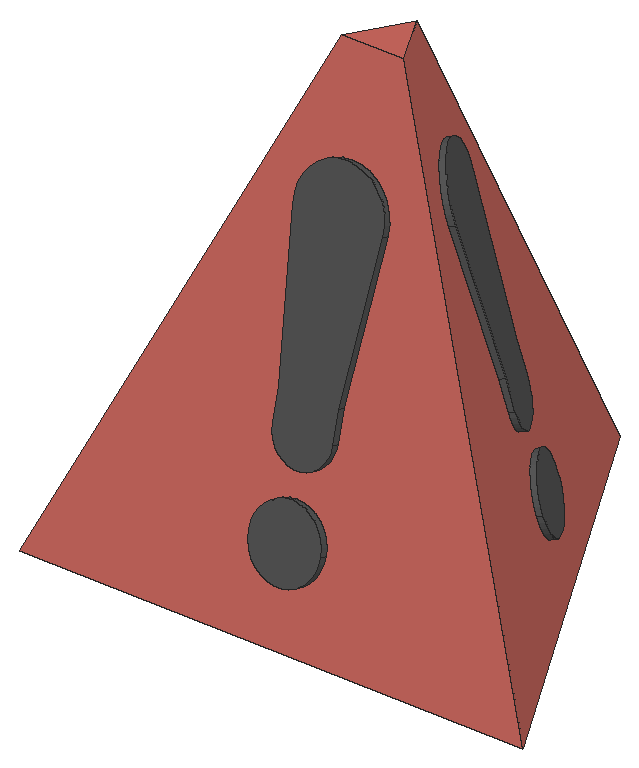
Revit family "Risk-Electricity", category Generic Models, Revit 2020
Family settings
  Can host rebar = No
  Round Connector Dimension = Use Diameter
  Part Type = Normal
  Work Plane-Based = No
  Always vertical = Yes
  Cut with Voids When Loaded = No
  Shared = No
  Room Calculation Point = Yes
Parameters
  Who is Likely to be Harmed [instance] = ""
  RiskBlock = Laminate, Red, Matte
  Risk Number [instance] = 0
  Risk Management Action Required [instance] = ""
  PD to include in Pre-Construct Info? [instance] = yes
  PD to include in Health and Safety File? [instance] = yes
  List Possible Hazards [instance] = ""
  Is the Risk Acceptable? [instance] = yes
  Exclamation = Laminate, Black
  Element of Design [instance] = ""
  Drawing/Spec. Reference [instance] = ""
  Default Elevation = 0 mm
  Date Risk or Hazard Removed & By Whom [instance] = ""
  Action Required By Who and By When [instance] = ""
Reference planes
  plane 1 "Center (Front/Back)": y = 0
  plane 2: z = 0
  plane 3 "Center (Left/Right)": x = 0
  plane 4 "Top": z = 800
Forms (mm)
  Extrusion 1, solid, material "Laminate, Black" <- "Exclamation"
    sketch origin (212.783, -257.679, -63.357) x (1, 0, 0) y (0, 0.254936, 0.966958)
      loop
        circle (-211.695, 212.66) r 60
      loop
        arc (-262.719, 362.315) -> (-212.378, 312.658) -> (-162.721, 362.999) r 50
        line (-162.721, 362.999) -> (-163.063, 412.997) -> (-140.104, 655.583)
        arc (-140.104, 655.583) -> (-215.283, 737.648) -> (-289.333, 654.563) r 75
        line (-289.333, 654.563) -> (-263.06, 412.314) -> (-262.719, 362.315)
    from 0 to 10
  Extrusion 2, solid, material "Laminate, Black" <- "Exclamation"
    sketch origin (222.945, 127.243, -62.445) x (-0.5, 0.866025, 0) y (-0.220211, -0.127139, 0.967131)
      loop
        circle (1.287, 211.098) r 60
      loop
        line (51.287, 361.098) -> (51.287, 411.098) -> (75.904, 653.521)
        arc (75.904, 653.521) -> (1.287, 736.098) -> (-73.329, 653.521) r 75
        line (-73.329, 653.521) -> (-48.713, 411.098) -> (-48.713, 361.098)
        arc (-48.713, 361.098) -> (1.287, 311.098) -> (51.287, 361.098) r 50
    from 0 to 10
  Extrusion 3, solid, material "Laminate, Black" <- "Exclamation"
    sketch origin (-216.457, 134.846, -61.837) x (-0.5, -0.866025, 0) y (0.218654, -0.12624, 0.967602)
      loop
        line (-75.018, 652.702) -> (-50.401, 410.278) -> (-50.401, 360.278)
        arc (-50.401, 360.278) -> (-0.401, 310.278) -> (49.599, 360.278) r 50
        line (49.599, 360.278) -> (49.599, 410.278) -> (74.215, 652.702)
        arc (74.215, 652.702) -> (-0.401, 735.278) -> (-75.018, 652.702) r 75
      loop
        circle (-0.401, 210.278) r 60
    from 10 to 0
  Blend 4, solid, material "Laminate, Red, Matte" <- "RiskBlock"
    base sketch origin (0, 0, 0) x (1, 0, 0) y (0, 1, 0)
      loop
        line (0.886, 479.025) -> (-414.806, -240.975) -> (416.578, -240.975) -> (0.886, 479.025)
    top sketch origin (0, 0, 0) x (1, 0, 0) y (0, 1, 0)
      loop
        line (-0.032, 59.943) -> (-51.993, -30.057) -> (51.93, -30.057) -> (-0.032, 59.943)
    from 0 to 800
Dimensions and locks
  plane 4 "Top" to plane 2 = 800 mm
  aligned and locked: level to plane 2
  aligned and locked: Extrusion 2 to Blend 4
Nested families
  nested 1: "RiskSymbol-Electricity" at (-0.962, 0, 0), type "RiskSymbol-Electricity"
Definition of nested family "RiskSymbol-Electricity"
  Reference planes
    plane 1: y = 0
    plane 2: x = 0
  Lines and regions (mm)
    Filled region 1, type "Red Fill"
      outline origin (0, 0, 0) x (1, 0, 0) y (0, 1, 0)
        loop
          arc (1.148, 6.776) -> (-6.569, 2.022) -> (-2.861, -6.249) r 6.873
          line (-2.861, -6.249) -> (-2.532, -5.359)
          arc (-2.532, -5.359) -> (-5.721, 1.55) -> (0.52, 5.904) r 5.927
          line (0.52, 5.904) -> (1.148, 6.776)
        loop
          arc (5.683, -3.865) -> (6.61, 1.884) -> (2.791, 6.281) r 6.873
          line (2.791, 6.281) -> (2.448, 5.398)
          arc (2.448, 5.398) -> (5.639, 1.826) -> (5.148, -2.937) r 5.927
          line (5.148, -2.937) -> (5.683, -3.865)
        loop
          arc (4.168, -2.289) -> (3.518, -1.914) -> (2.869, -2.289) r 0.75
          line (2.869, -2.289) -> (0.593, -6.232)
          arc (0.593, -6.232) -> (0.593, -6.982) -> (1.242, -7.357) r 0.75
          line (1.242, -7.357) -> (5.795, -7.357)
          arc (5.795, -7.357) -> (6.444, -6.982) -> (6.445, -6.232) r 0.75
          line (6.445, -6.232) -> (4.168, -2.289)
        loop
          line (-2.165, -7.256) -> (4.104, 1.544) -> (0.508, 1.544) -> (2.722, 7.243)
          arc (2.722, 7.243) -> (2.585, 7.616) -> (2.199, 7.527) r 0.3
          line (2.199, 7.527) -> (-4.202, -1.353) -> (-0.606, -1.353) -> (-2.691, -6.978)
          arc (-2.691, -6.978) -> (-2.55, -7.347) -> (-2.165, -7.256) r 0.3
        loop
          line (-0.683, -5.888) -> (-1.297, -6.749)
          arc (-1.297, -6.749) -> (-0.67, -6.84) -> (-0.038, -6.873) r 6.873
          line (-0.038, -6.873) -> (0.141, -5.925)
          arc (0.141, -5.925) -> (-0.272, -5.921) -> (-0.683, -5.888) r 5.927
        loop
          line (2.903, -3.437) -> (3.118, -5.837) -> (3.918, -5.837) -> (4.136, -3.437) -> (2.903, -3.437)
        loop
          line (4.002, -6.937) -> (4.002, -6.082) -> (3.034, -6.082) -> (3.034, -6.937) -> (4.002, -6.937)
  Text (mm)
    text "Risk: Electricity" at (-0.019, -10.678, 0)
